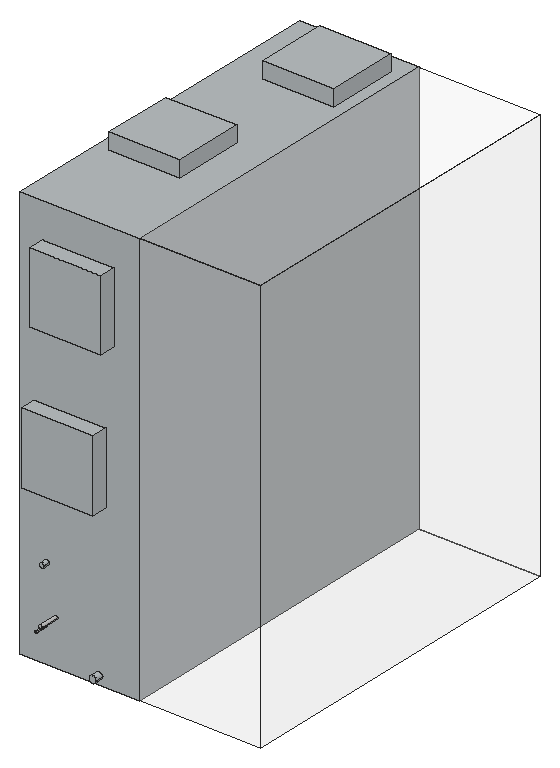
Revit family "lb-150_200df8-50_50Hz", category 機械設備, Revit 2019
Family settings
  丸型コネクタ寸法 = 直径を使用
  パーツ タイプ = 標準
  OmniClass 番号 = 23.75.10.34.21
  OmniClass タイトル = Heat Exchangers for Ventilation Air
  作業面ベース = いいえ
  常に垂直 = はい
  ロード時にボイドで切り取り = いいえ
  共有 = いいえ
  部屋計算ポイント = いいえ
Parameters (values of type "LB-150DF8-50")
  騒音レベル(dB(A)) = 45
  風量 = 1500.0 m³/h
  面風速 = 3.4 m/s
  電源種別 [instance] = ""
  電圧 = 200 V
  電動機出力 = 0 W
  集中コントローラ = ""
  運転質量 = 0.00 kg
  連動 [instance] = ""
  質量 = if(製品質量 > 運転質量, 製品質量, 運転質量) * 1.2  # 456.00 kg
  負荷分類 = 3_ファン類
  説明 = "設備用ロスナイ 床置ビルトイン形加熱加湿付"
  設計風量 = 0.0 m³/h
  設置方法 = "床置形"
  記号 [instance] = ""
  製造元 = "三菱電機株式会社"
  製品質量 = 380.00 kg
  製品出荷対象 = "国内"
  製品リリース年月 = "2021/4/1"
  製品グループ = ""
  給水管_W = 133 mm
  給水管_H = 452 mm
  給水管_Depth = 29 mm
  系統 [instance] = ""
  符号 = "HEU"
  積算_科目 = "1 空気調和設備"
  積算_拾い区分 [instance] = ""
  相 = 3
  盤記号 [instance] = ""
  発停方法 [instance] = ""
  特殊仕様 [instance] = ""
  火災停止 [instance] = ""
  温度交換効率 = 70.00%
  消費電力 = 1260 W
  法定耐用年数 = "15"
  機外静圧_排気 = 185.0 Pa
  機外静圧 = 185.0 Pa
  極数 = 3
  材質 [instance] = ""
  本体固定用穴ピッチ2 = 1680 mm
  本体固定用穴ピッチ1 = 460 mm
  本体固定用穴_径 = 20 mm
  本体マテリアル = 溶融亜鉛めっき鋼板
  有効加湿量 = 8.3
  操作・制御方式 = ""
  操作・制御スイッチ = ""
  排気量 = 0.0 m³/h
  形式 = "床置形"
  幹線記号 [instance] = ""
  対象室 [instance] = ""
  実風量 = 0.0 m³/h
  始動方式 [instance] = "直入"
  外気量 = 0.0 m³/h
  呼称 = "全熱交換ユニット"
  周波数 = 50 Hz
  参照している仕様書等のバージョン = "公共建築工事標準仕様書（機械設備工事編）平成31年度版"
  加湿給水管径 = 21.7 mm
  初期抵抗 = 0.0 Pa
  分類コード = "50052504100050"
  分類グループ = ""
  冷媒液管径 = 9.52 mm
  冷媒液管_W = 127 mm
  冷媒液管_H = 169 mm
  冷媒液管_Depth = 59 mm
  冷媒ガス管径 = 15.88 mm
  冷媒ガス管_W = 52 mm
  冷媒ガス管_H = 55 mm
  冷媒ガス管_Depth = 95 mm
  価格 = 0
  企業コード = "108420"
  付属品_フィルター_還気 = ""
  付属品_フィルター = ""
  付属品 [instance] = ""
  仕様書バージョン = "Version1.0"
  モデル = "LB-150DF8-50"
  メンテナンススペース = yes
  ドレン管径 = 34 mm
  ドレン管_W = 200 mm
  ドレン管_H = 41 mm
  ドレン管_Depth = 37 mm
  コメント [instance] = ""
  Keynote = ""
  エンタルピ交換効率_暖房 = 69.50%
  エンタルピ交換効率_冷房 = 67.00%
  Assembly Code = ""
  Width = 590 mm
  Version = ""
  Uniclass2015Version = "Systems v1.9"
  Uniclass2015Title = "Thermal wheels"
  Uniclass2015Code = "Pr_60_60_36_88"
  URL = "https://www.mitsubishielectric.co.jp/ldg/wink/ssl/displayProduct.do?pid=311598"
  SpecificationReference = ""
  SpecificationDescription = ""
  SAサイズ_W = 352 mm
  SAサイズ_D = 352 mm
  Revision = ""
  RAサイズ_W = 352 mm
  RAサイズ_D = 352 mm
  ProductInformation = ""
  OmniClassCode = "23-27 23 19 11"
  OAサイズ_W = 352 mm
  OAサイズ_D = 352 mm
  MIN風量 = 0.0 m³/h
  MIN静圧 = 0.0 Pa
  MID風量 = 0.0 m³/h
  MID静圧 = 0.0 Pa
  MAX風量 = 1500.0 m³/h
  MAX静圧 = 185.0 Pa
  IfcTypeProduct = ""
  IfcProduct = ""
  IfcExportType = "ROTARYWHEEL"
  IfcExportAs = "IfcAirToAirHeatRecoveryType"
  Height = 2047 mm
  EAサイズ_W = 352 mm
  EAサイズ_D = 352 mm
  Duct_SA_W = 165 mm
  Duct_SA_H = 798 mm
  Duct_RA_W = 125 mm
  Duct_RA_H = 372 mm
  Duct_OA_W = 174 mm
  Duct_OA_D = 458 mm
  Duct_Height = 80 mm
  Duct_EA_W = 61 mm
  Duct_EA_D = 98 mm
  Depth = 1730 mm
  Clearance Top = 0 mm
  Clearance Right = 600 mm
  Clearance Left = 0 mm
  Clearance Front = 0 mm
  Clearance Bottom = 0 mm
  Clearance Back = 0 mm
  Author = "三菱電機株式会社"
Types (2, lengths in mm): name | 騒音レベル(dB(A)) | 風量 | 面風速 | 質量 | 製品質量 | 消費電力 | 有効加湿量 | モデル | エンタルピ交換効率_暖房 | URL | SAサイズ_D | RAサイズ_W | OAサイズ_W | MAX風量 | EAサイズ_W | Duct_SA_H | Duct_RA_W | Duct_OA_W
  LB-150DF8-50 | 45 | 1500.0 m³/h | 3.4 m/s | 456.00 kg | 380.00 kg | 1260 W | 8.3 | "LB-150DF8-50" | 69.50% | "https://www.mitsubishielectric.co.jp/ldg/wink/ssl/displayProduct.do?pid=311598" | 352 | 352 | 352 | 1500.0 m³/h | 352 | 798 | 125 | 174
  LB-200DF8-50 | 46 | 2000.0 m³/h | 3.53 m/s | 468.00 kg | 390.00 kg | 1700 W | 9.7 | "LB-200DF8-50" | 69.00% | "https://www.mitsubishielectric.co.jp/ldg/wink/ssl/displayProduct.do?pid=311612" | 452 | 452 | 452 | 2000.0 m³/h | 452 | 698 | 74 | 74
Reference planes
  plane 1 "中心(正面/背面)": y = 0
  plane 2: z = 0
  plane 3 "中心(左/右)": x = 0
  plane 4: x = 295
  plane 5: y = 865
  plane 6: y = -865
  plane 7: x = -295
  plane 8: y = -219
  plane 9: y = 591
  plane 10: y = -43
  plane 11: y = -395
  plane 12: y = 767
  plane 13: y = 415
  plane 14: x = -231
  plane 15: x = 121
  plane 16: z = 2047
  plane 17: z = 2127
  plane 18: y = 840
  plane 19: y = -840
  plane 20: x = -230
  plane 21: x = 230
  plane 22: x = 895
  plane 23: x = -295
  plane 24: y = 865
  plane 25: y = -865
  plane 26: z = 2047
  plane 27: z = 0
  plane 28: x = 234
  plane 29: x = -118
  plane 30: z = 798
  plane 31: z = 1150
  plane 32: z = 1874
  plane 33: z = 1522
  plane 34: x = 130
  plane 35: x = -222
  plane 36: x = 170
  plane 37: x = -182
  plane 38: y = -945
  plane 39: x = 95
  plane 40: z = 41
  plane 41: x = -162
  plane 42: z = 452
  plane 43: y = -894
  plane 44: y = -902
  plane 45: x = -168
  plane 46: z = 169
  plane 47: x = -116
  plane 48: z = 224
  plane 49: y = -960
  plane 50: y = -924
Forms (mm)
  Extrusion 1, solid, material "溶融亜鉛めっき鋼板" <- "本体マテリアル", detail levels fine
    sketch origin (0, 0, 0) x (1, 0, 0) y (0, 1, 0)
      loop
        line (-295, 865) -> (-295, -865) -> (295, -865) -> (295, 865) -> (-295, 865)
    from 0 to 2047
  Extrusion 2, solid, material "溶融亜鉛めっき鋼板" <- "本体マテリアル", detail levels fine
    sketch origin (0, 0, 0) x (1, 0, 0) y (0, 1, 0)
      loop
        line (-118, 767) -> (-118, 415) -> (234, 415) -> (234, 767) -> (-118, 767)
      loop
        line (-231, -43) -> (-231, -395) -> (121, -395) -> (121, -43) -> (-231, -43)
    from 2047 to 2127
  Extrusion 3, solid, material "溶融亜鉛めっき鋼板" <- "本体マテリアル", detail levels fine
    sketch origin (0, 0, 0) x (1, 0, 0) y (0, 0, 1)
      loop
        line (130, 798) -> (130, 1150) -> (-222, 1150) -> (-222, 798) -> (130, 798)
      loop
        line (170, 1874) -> (-182, 1874) -> (-182, 1522) -> (170, 1522) -> (170, 1874)
    from 865 to 945
  Extrusion 4, solid, material "溶融亜鉛めっき鋼板" <- "本体マテリアル", detail levels fine
    sketch origin (0, 0, 0) x (1, 0, 0) y (0, 0, 1)
      loop
        circle (95, 41) r 17
    from 865 to 902
  Extrusion 5, solid, material "溶融亜鉛めっき鋼板" <- "本体マテリアル", detail levels fine
    sketch origin (0, 0, 0) x (1, 0, 0) y (0, 0, 1)
      loop
        circle (-162, 452) r 10.85
    from 865 to 894
  Extrusion 6, solid
    sketch origin (0, 0, 0) x (1, 0, 0) y (0, 0, 1)
      loop
        circle (-168, 169) r 4.76
    from 865 to 924
  Extrusion 7, solid
    sketch origin (0, 0, 0) x (1, 0, 0) y (0, 0, 1)
      loop
        circle (-116, 224) r 7.94
    from 865 to 960
Lines and regions (mm)
  Masking region 1, detail levels coarse+medium
    outline origin (1331.5, 88, 0) x (1, 0, 0) y (0, 1, 0)
      loop
        line (-1626.5, 777) -> (-1626.5, -953) -> (-1036.5, -953) -> (-1036.5, 777) -> (-1626.5, 777)
  symbolic lines, detail levels coarse+medium
    curve 1: line (0, 865, 0) -> (-295, 0, 0)
    curve 2: line (-295, 0, 0) -> (0, -865, 0)
    curve 3: line (0, -865, 0) -> (295, 0, 0)
    curve 4: line (0, 865, 0) -> (295, 0, 0)
Dimensions and locks
  equal spacing: plane 5, plane 1 "中心(正面/背面)", plane 6
  "Depth": plane 5 to plane 6
  equal spacing: plane 11, plane 8, plane 10
  "OAサイズ_D": plane 11 to plane 10
  equal spacing: plane 13, plane 9, plane 12
  "EAサイズ_D": plane 13 to plane 12
  "Duct_Height": plane 17 to plane 16
  equal spacing: plane 20, plane 3 "中心(左/右)", plane 21
  "本体固定用穴ピッチ1": plane 20 to plane 21
  "Clearance Right": plane 4 to plane 22
  "Clearance Left": plane 23 to plane 7
  "Clearance Back": plane 24 to plane 5
  "Clearance Front": plane 6 to plane 25
  "Clearance Top": plane 26 to plane 16
  "Clearance Bottom": level to plane 27
  equal spacing: plane 7, plane 3 "中心(左/右)", plane 4
  "Width": plane 7 to plane 4
  "Height": plane 26 to level
  "Duct_OA_D": plane 13 to plane 10
  "Duct_EA_D": plane 5 to plane 12
  "Duct_OA_W": plane 15 to plane 4
  "OAサイズ_W": plane 14 to plane 15
  "Duct_EA_W": plane 28 to plane 4
  "EAサイズ_W": plane 29 to plane 28
  "Duct_SA_H": plane 30 to level
  "SAサイズ_D": plane 31 to plane 30
  "Duct_RA_H": plane 33 to plane 31
  "RAサイズ_D": plane 32 to plane 33
  "Duct_SA_W": plane 4 to plane 34
  "SAサイズ_W": plane 34 to plane 35
  "RAサイズ_W": plane 36 to plane 37
  "Duct_RA_W": plane 4 to plane 36
  "Duct_Height": plane 6 to plane 38
  "ドレン管_W": plane 4 to plane 39
  "ドレン管_H": plane 40 to level
  "給水管_W": plane 41 to plane 7
  "給水管_H": plane 42 to level
  "給水管_Depth": plane 6 to plane 43
  "ドレン管_Depth": plane 6 to plane 44
  "本体固定用穴ピッチ2": plane 19 to plane 18
  equal spacing: plane 18, plane 1 "中心(正面/背面)", plane 19
  "冷媒液管_W": plane 45 to plane 7
  "冷媒液管_H": plane 46 to level
  "冷媒ガス管_W": plane 47 to plane 45
  "冷媒ガス管_H": plane 48 to plane 46
  "冷媒ガス管_Depth": plane 49 to plane 6
  "冷媒液管_Depth": plane 6 to plane 50
  "ドレン管径": diameter of Extrusion 4 sketch curve
  "加湿給水管径": diameter of Extrusion 5 sketch curve
  "冷媒液管径": diameter of Extrusion 6 sketch curve
  "冷媒ガス管径": diameter of Extrusion 7 sketch curve
  aligned and locked: level to plane 2
  aligned and locked: Extrusion 1 sketch curve to plane 5
  aligned and locked: Extrusion 1 sketch curve to plane 6
  aligned and locked: Extrusion 2 sketch curve to plane 12
  aligned and locked: Extrusion 2 sketch curve to plane 13
  aligned and locked: Extrusion 2 sketch curve to plane 10
  aligned and locked: plane 14 to Extrusion 2 sketch curve
  aligned and locked: Extrusion 2 sketch curve to plane 11
  aligned and locked: plane 15 to Extrusion 2 sketch curve
  aligned and locked: Masking region 1 to plane 7
  aligned and locked: Masking region 1 to curve 1  (x2)
  aligned and locked: Masking region 1 to curve 2
  aligned and locked: plane 16 to Extrusion 1
  aligned and locked: plane 17 to Extrusion 2
  aligned and locked: Extrusion 2 to plane 16
  aligned and locked: plane 22 to nested 1
  aligned and locked: nested 1 to plane 25
  aligned and locked: nested 1 to plane 24
  aligned and locked: nested 1 to plane 26
  aligned and locked: nested 1 to plane 27
  aligned and locked: plane 19 to nested 2
  aligned and locked: plane 20 to nested 2
  aligned and locked: nested 2 to plane 21
  aligned and locked: plane 20 to nested 3
  aligned and locked: nested 3 to plane 21
  aligned and locked: nested 3 to plane 18
  aligned and locked: nested 1 to plane 23
  aligned and locked: plane 4 to Extrusion 1 sketch curve
  aligned and locked: Masking region 1 to curve 3
  aligned and locked: Masking region 1 to plane 4
  aligned and locked: plane 5 to Masking region 1
  aligned and locked: plane 6 to Masking region 1
  aligned and locked: Extrusion 1 to level
  aligned and locked: Extrusion 2 sketch curve to plane 28
  aligned and locked: plane 29 to Extrusion 2 sketch curve
  aligned and locked: plane 30 to Extrusion 3 sketch curve
  aligned and locked: Extrusion 3 sketch curve to plane 34
  aligned and locked: Extrusion 3 sketch curve to plane 31
  aligned and locked: plane 35 to Extrusion 3 sketch curve
  aligned and locked: plane 32 to Extrusion 3 sketch curve
  aligned and locked: plane 36 to Extrusion 3 sketch curve
  aligned and locked: Extrusion 3 sketch curve to plane 33
  aligned and locked: Extrusion 3 sketch curve to plane 37
  aligned and locked: Extrusion 3 to plane 38
  aligned and locked: Extrusion 3 to plane 6
  aligned and locked: Extrusion 5 to plane 43
  aligned and locked: Extrusion 5 to plane 6
  aligned and locked: Extrusion 4 to plane 6
  aligned and locked: Extrusion 4 to plane 44
  aligned and locked: Extrusion 7 to plane 6
  aligned and locked: Extrusion 7 to plane 49
  aligned and locked: Extrusion 6 to plane 50
  aligned and locked: Extrusion 6 to plane 6
Automatic sketch dimensions
  plane 4 to Masking region 1 sketch curve = 0 mm
  Masking region 1 sketch curve to plane 7 = 0 mm
  Extrusion 1 sketch curve to plane 7 = 0 mm
  Masking region 1 sketch curve to plane 5 = 0 mm
  Masking region 1 sketch curve to plane 6 = 0 mm
  plane 1 "中心(正面/背面)" to curve 1 = 0 mm
  curve 1 to plane 7 = 0 mm
  curve 2 to plane 3 "中心(左/右)" = 0 mm
  curve 4 to plane 3 "中心(左/右)" = 0 mm
  plane 1 "中心(正面/背面)" to curve 3 = 0 mm
  curve 3 to plane 6 = 0 mm
  Extrusion 4 sketch curve to plane 39 = 0 mm
  Extrusion 4 sketch curve to plane 40 = 0 mm
  Extrusion 5 sketch curve to plane 41 = 0 mm
  Extrusion 5 sketch curve to plane 42 = 0 mm
  Extrusion 6 sketch curve to plane 45 = 0 mm
  Extrusion 6 sketch curve to plane 46 = 0 mm
  Extrusion 7 sketch curve to plane 47 = 0 mm
  Extrusion 7 sketch curve to plane 48 = 0 mm
Nested families
  nested 1: "メンテナンススペース" at (300, 0, 1023.5), visible <- "メンテナンススペース", type "メンテナンススペース"
    with Width 1190 mm, Height 2047 mm, Depth 1730 mm
  nested 2: "固定点" at (-230, -840, 0), type "固定点"
    with W 460 mm, D 1000 mm
  nested 3: "固定点" at (-230, 840, 0), type "固定点"
    with W 460 mm, D 1000 mm
Connectors
  hvac at (-55, -219, 2127), driven by "OAサイズ_D", driven by "OAサイズ_W", driven by "機外静圧", driven by "外気量"
    settings: on Extrusion 2, index 3, duct flow 0.0 m³/h, flow factor 0, pres drop 185.0 Pa, loss coef 0, conn angle 0.00°, conn width 352 mm, conn height 352 mm, conn diameter 609.6 mm, duct sys type 4, conn prof type 1, flow config 0, flow direction 1, loss method 4, conn ref index -1, conn util no, is conn primary no, conn desc ""
  hvac at (58, 591, 2127), driven by "EAサイズ_D", driven by "EAサイズ_W", driven by "機外静圧_排気", driven by "排気量"
    settings: on Extrusion 2, index 4, duct flow 0.0 m³/h, flow factor 0, pres drop 185.0 Pa, loss coef 0, conn angle 0.00°, conn width 352 mm, conn height 352 mm, conn diameter 609.6 mm, duct sys type 3, conn prof type 1, flow config 0, flow direction 2, loss method 4, conn ref index -1, conn util no, is conn primary no, conn desc ""
  electrical at (295, 0, 1023.5), driven by "極数", driven by "負荷分類", driven by "電圧", driven by "消費電力"
    settings: on Extrusion 1, index 5, voltage 200 V, apparent load 1260 VA, apparent load phase1 0 VA, apparent load phase2 0 VA, apparent load phase3 0 VA, power factor 1, load classification "3_ファン類", number of poles 3, system type 30, power factor state 1, is connector primary yes, connector utility no, sub classification motor no, connector description ""
  hvac at (-46, -945, 974), driven by "SAサイズ_D", driven by "SAサイズ_W", driven by "機外静圧", driven by "風量"
    settings: on Extrusion 3, index 6, duct flow 1500.0 m³/h, flow factor 0, pres drop 185.0 Pa, loss coef 0, conn angle 0.00°, conn width 352 mm, conn height 352 mm, conn diameter 609.6 mm, duct sys type 1, conn prof type 1, flow config 0, flow direction 2, loss method 4, conn ref index -1, conn util no, is conn primary yes, conn desc ""
  hvac at (-6, -945, 1698), driven by "RAサイズ_D", driven by "RAサイズ_W", driven by "機外静圧", driven by "風量"
    settings: on Extrusion 3, index 7, duct flow 1500.0 m³/h, flow factor 0, pres drop 185.0 Pa, loss coef 0, conn angle 0.00°, conn width 352 mm, conn height 352 mm, conn diameter 609.6 mm, duct sys type 2, conn prof type 1, flow config 0, flow direction 1, loss method 4, conn ref index -1, conn util no, is conn primary no, conn desc ""
  piping at (-162, -894, 452), diameter 21.7, driven by "加湿給水管径"
    settings: on Extrusion 5, index 8, connector inside diameter 609.6 mm, connector length 0 mm, flow factor 0, pipe flow 0.0 L/s, pressure drop 0.0 Pa, fitting loss kfactor 0, connector angle 0.00°, fixture units 0, engagement length 0 mm, angle of deflection 0.00°, flow configuration 0, flow direction 1, fitting loss method 0, system type 20, joint type 0, gender type 0, connector reference index -1, connector utility 0, adjustable connector no, is connector primary yes, connector description ""
  piping at (95, -902, 41), diameter 34, driven by "ドレン管径"
    settings: on Extrusion 4, index 9, connector inside diameter 609.6 mm, connector length 0 mm, flow factor 0, pipe flow 0.0 L/s, pressure drop 0.0 Pa, fitting loss kfactor 0, connector angle 0.00°, fixture units 0, engagement length 0 mm, angle of deflection 0.00°, flow configuration 0, flow direction 2, fitting loss method 0, system type 16, joint type 0, gender type 0, connector reference index -1, connector utility 0, adjustable connector no, is connector primary no, connector description ""
  piping at (-116, -960, 224), diameter 15.88, driven by "冷媒ガス管径"
    settings: on Extrusion 7, index 10, connector inside diameter 609.6 mm, connector length 0 mm, flow factor 0, pipe flow 0.0 L/s, pressure drop 0.0 Pa, fitting loss kfactor 0, connector angle 0.00°, fixture units 0, engagement length 0 mm, angle of deflection 0.00°, flow configuration 0, flow direction 1, fitting loss method 4, system type 7, joint type 0, gender type 0, connector reference index -1, connector utility 0, adjustable connector no, is connector primary no, connector description ""
  piping at (-168, -924, 169), diameter 9.52, driven by "冷媒液管径"
    settings: on Extrusion 6, index 11, connector inside diameter 609.6 mm, connector length 0 mm, flow factor 0, pipe flow 0.0 L/s, pressure drop 0.0 Pa, fitting loss kfactor 0, connector angle 0.00°, fixture units 0, engagement length 0 mm, angle of deflection 0.00°, flow configuration 0, flow direction 1, fitting loss method 4, system type 7, joint type 0, gender type 0, connector reference index -1, connector utility 0, adjustable connector no, is connector primary no, connector description ""
Definition of nested family "メンテナンススペース"
  Parameters (values of type "メンテナンススペース")
    Width [instance] = 500 mm
    Height [instance] = 500 mm
    Depth [instance] = 500 mm
  Reference planes
    plane 1 "中心(正面/背面)": y = 0
    plane 2: z = 0
    plane 3 "中心(左/右)": x = 0
    plane 4: y = -250
    plane 5: x = 250
    plane 6: y = 250
    plane 7: x = -250
    plane 8: z = 250
    plane 9: z = -250
  Forms (mm)
    Extrusion 1, solid
      sketch origin (-638.939, 0, 72.39) x (1, 0, 0) y (0, 1, 0)
        loop
          line (388.939, 250) -> (388.939, -250) -> (888.939, -250) -> (888.939, 250) -> (388.939, 250)
      from -322.39 to 177.61
  Lines and regions (mm)
    symbolic lines
      curve 1: line (-250, 0, 250) -> (250, 0, 250)
      curve 2: line (-250, 0, -250) -> (-250, 0, 250)
      curve 3: line (250, 0, -250) -> (-250, 0, -250)
      curve 4: line (250, 0, 250) -> (250, 0, -250)
      curve 5: line (0, -250, 250) -> (0, 250, 250)
      curve 6: line (0, -250, -250) -> (0, -250, 250)
      curve 7: line (0, 250, -250) -> (0, -250, -250)
      curve 8: line (0, 250, 250) -> (0, 250, -250)
      curve 9: line (-250, 250, 0) -> (250, 250, 0)
      curve 10: line (-250, -250, 0) -> (-250, 250, 0)
      curve 11: line (250, -250, 0) -> (-250, -250, 0)
      curve 12: line (250, 250, 0) -> (250, -250, 0)
  Dimensions and locks
    equal spacing: plane 7, plane 3 "中心(左/右)", plane 5
    equal spacing: plane 4, plane 1 "中心(正面/背面)", plane 6
    "Depth": plane 4 to plane 6
    "Width": plane 7 to plane 5
    equal spacing: plane 8, plane 2, plane 9
    "Height": plane 8 to plane 9
    aligned and locked: plane 9 to curve 3
    aligned and locked: plane 7 to curve 2
    aligned and locked: curve 4 to plane 5
    aligned and locked: plane 5 to Extrusion 1
    aligned and locked: Extrusion 1 to plane 7
    aligned and locked: Extrusion 1 to plane 9
    aligned and locked: plane 8 to Extrusion 1
    aligned and locked: plane 9 to curve 7
  Automatic sketch dimensions
    plane 4 to Extrusion 1 sketch curve = 0 mm
    Extrusion 1 sketch curve to plane 7 = 0 mm
    Extrusion 1 sketch curve to plane 5 = 0 mm
    plane 6 to Extrusion 1 sketch curve = 0 mm
    curve 2 to plane 8 = 0 mm
    plane 4 to curve 11 = 0 mm
    curve 11 to plane 7 = 0 mm
    curve 11 to plane 5 = 0 mm
    plane 6 to curve 10 = 0 mm
    curve 7 to plane 4 = 0 mm
    curve 7 to plane 6 = 0 mm
    curve 6 to plane 8 = 0 mm
Definition of nested family "固定点"
  Parameters (values of type "固定点")
    中心円 = 20 mm
    W [instance] = 1000 mm
    D [instance] = 1000 mm
  Reference planes
    plane 1 "中心(正面/背面)": y = 0
    plane 2: z = 0
    plane 3 "中心(左/右)": x = 0
    plane 4: x = 1000
  Lines and regions (mm)
    symbolic lines, detail levels fine
      curve 1: circle (0, 0, 0) r 10 normal (0, 0, 1)
      curve 2: circle (1000, 0, 0) r 10 normal (0, 0, 1)
      curve 3: line (-200, 0, 0) -> (1200, 0, 0)
      curve 4: line (0, 200, 0) -> (0, -200, 0)
      curve 5: line (1000, 200, 0) -> (1000, -200, 0)
  Dimensions and locks
    "W": plane 3 "中心(左/右)" to plane 4
    "中心円": diameter of curve 1
    "中心円": diameter of curve 2
    aligned and locked: level to plane 2
    aligned and locked: plane 3 "中心(左/右)" to curve 1
    aligned and locked: plane 1 "中心(正面/背面)" to curve 1
    aligned and locked: plane 1 "中心(正面/背面)" to curve 2
    aligned and locked: plane 4 to curve 2
    aligned and locked: plane 1 "中心(正面/背面)" to curve 3
    aligned and locked: curve 4 to plane 3 "中心(左/右)"
    aligned and locked: curve 5 to plane 4
  Automatic sketch dimensions
    curve 3 to plane 3 "中心(左/右)" = 200 mm
    curve 2 to curve 3 = 200 mm
    plane 1 "中心(正面/背面)" to curve 4 = 200 mm
    plane 1 "中心(正面/背面)" to curve 5 = 200 mm
    curve 5 to plane 1 "中心(正面/背面)" = 200 mm
    curve 4 to plane 1 "中心(正面/背面)" = 200 mm
